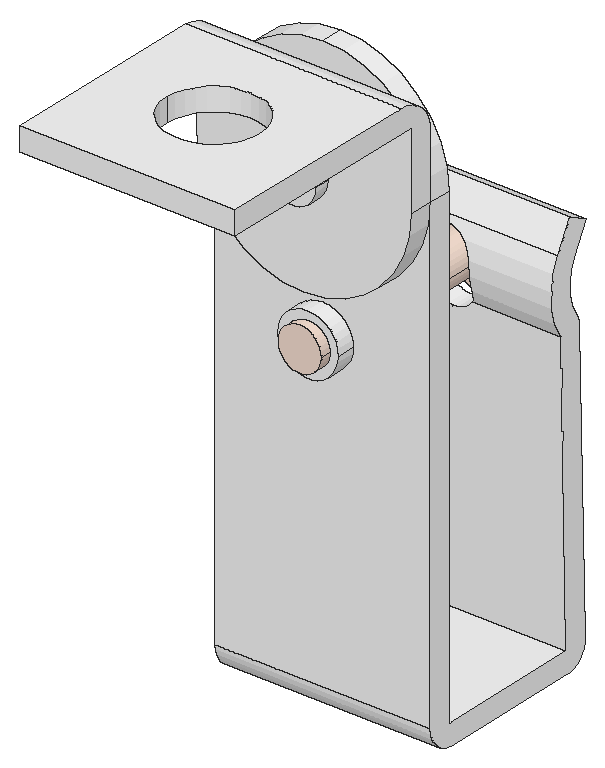
Revit family "rpfreehanger4_c40x20", category 機械設備, Revit 2022
Family settings
  丸型コネクタ寸法 = 直径を使用
  種別 = なし
  パーツ タイプ = 標準
  作業面ベース = いいえ
  常に垂直 = はい
  ロード時にボイドで切り取り = いいえ
  注釈の向きを維持 = いいえ
  共有 = いいえ
  部屋計算ポイント = いいえ
Parameters
  製造元 = "株式会社桐井製作所"
  既定の高さ = 0 mm
  URL = "https://www.kirii.co.jp/"
  K_角度 [instance] = 90.00°
  K_材質 = "SGHC　一般用"
  K_外形寸法(mm) = "H84"
  K_品名 = "RPフリーハンガー4分用(C-40×20)"
  K_名称 = "耐震ハンガー"
  K_入数 = "100"
  K_バージョン情報 = "20211012"
  K_めっき付着量 = "Z12"
  K_JIS規格 = "JIS G 3302"
Reference planes
  plane 1 "中心(正面/背面)": y = 0
  plane 2: z = 0
  plane 3 "中心(左/右)": x = 0
Forms (mm)
  Extrusion 1, void
    sketch origin (0, -2.263, 0) x (1, 0, 0) y (0, 1, 0)
      loop
        circle (0, -16.737) r 6.5
    from 10.8 to 14
  Extrusion 2, solid
    sketch origin (0, -3.2, 0) x (0, 1, 0) y (0, 0, 1)
      loop
        line (-1.8, 14) -> (-30.79, 14) -> (-30.79, 10.8) -> (0, 10.8) -> (0, -15) -> (3.2, -15) -> (3.2, 9)
        arc (3.2, 9) -> (1.736, 12.536) -> (-1.8, 14) r 5
    from -15 to 15
  Extrusion 3, solid
    sketch origin (0, 0, 0) x (1, 0, 0) y (0, 0, 1)
      loop
        circle (0, 0) r 3.25
    from 3.2 to 5.2
  Extrusion 4, void
    sketch origin (0, 0, 0) x (1, 0, 0) y (0, 0, 1)
      loop
        line (-15, 0) -> (-15, -15) -> (0, -15)
        arc (0, -15) -> (-10.607, -10.607) -> (-15, 0) r 15
    from 0 to 5.2
  Extrusion 5, void
    sketch origin (0, 0, 0) x (-1, 0, 0) y (0, 0, -1)
      loop
        arc (-15, 0) -> (-10.607, 10.607) -> (0, 15) r 15
        line (0, 15) -> (-15, 15) -> (-15, 0)
    from 0 to 3.2
Cuts and joins
  Extrusion 1, Extrusion 4, Extrusion 5 cuts Extrusion 2
  Extrusion 4, Extrusion 5 cuts Extrusion 3
  joined: Extrusion 2, Extrusion 3
Dimensions and locks
  "K_角度": angle nested 1 to plane 2
  aligned and locked: level to plane 2
Automatic sketch dimensions
  Extrusion 1 sketch curve to plane 3 "中心(左/右)" = 0 mm
  plane 1 "中心(正面/背面)" to Extrusion 1 sketch curve = 19 mm
  Extrusion 2 sketch curve to plane 1 "中心(正面/背面)" = 0 mm
  plane 1 "中心(正面/背面)" to Extrusion 2 sketch curve = 3.2 mm
  Extrusion 2 sketch curve to Extrusion 2 sketch curve = 1.8 mm  (x2)
  level to Extrusion 2 sketch curve = 10.8 mm
  Extrusion 2 sketch curve to Extrusion 2 sketch curve = 28.99 mm
  Extrusion 2 sketch curve to level = 15 mm
  Extrusion 3 sketch curve to level = 0 mm
  Extrusion 3 sketch curve to plane 3 "中心(左/右)" = 0 mm
  Extrusion 4 sketch curve to level = 0 mm  (x2)
  Extrusion 4 sketch curve to plane 3 "中心(左/右)" = 0 mm
  Extrusion 4 sketch curve to level = 15 mm
  Extrusion 5 sketch curve to level = 0 mm  (x2)
  Extrusion 5 sketch curve to plane 3 "中心(左/右)" = 0 mm
  level to Extrusion 5 sketch curve = 15 mm
  radius of Extrusion 1 sketch curve = 6.5 mm
  radius of Extrusion 3 sketch curve = 3.25 mm
Nested families
  nested 1: "RPフリーハンガー(C40用)下部金具" at (0, 0, 0), type "RPフリーハンガー(C40用)下部金具"
Definition of nested family "RPフリーハンガー(C40用)下部金具"
  Parameters (values of type "RPフリーハンガー(C40用)下部金具")
    Manufacturer = "株式会社桐井製作所"
    Default Elevation = 0 mm
    URL = "https://www.kirii.co.jp/"
    K_名称 = "RPフリーハンガー(C38用)下部金具"
    K_バージョン情報 = "20211012"
  Reference planes
    plane 1 "中心(正面/背面)": y = 0
    plane 2: z = 0
    plane 3 "中心(左/右)": x = 0
  Forms (mm)
    Extrusion 1, solid
      sketch origin (0, 2, -91) x (0, 1, 0) y (0, 0, 1)
        loop
          line (1.2, 106) -> (-2, 106) -> (-2, 25.3)
          arc (-2, 25.3) -> (-0.916, 22.684) -> (1.7, 21.6) r 3.7
          line (1.7, 21.6) -> (21.713, 21.6)
          arc (21.713, 21.6) -> (24.005, 22.567) -> (24.912, 24.883) r 3.2
          line (24.912, 24.883) -> (23.881, 64.432)
          arc (23.881, 64.432) -> (23.749, 65.263) -> (23.405, 66.03) r 3.2
          arc (23.405, 66.03) -> (22.309, 69.56) -> (23.056, 73.18) r 7.4
          line (23.056, 73.18) -> (25.1, 77.121) -> (22.26, 78.594) -> (20.201, 74.624)
          arc (20.201, 74.624) -> (19.112, 69.424) -> (20.683, 64.348) r 10.6
          line (20.683, 64.348) -> (21.719, 24.6) -> (1.2, 24.6) -> (1.2, 106)
      from -15 to 15
    Extrusion 2, void
      sketch origin (0, 0, 0) x (1, 0, 0) y (0, 0, 1)
        loop
          arc (3.5, -20.734) -> (0, -17.234) -> (-3.5, -20.734) r 3.5
          line (-3.5, -20.734) -> (-3.5, -24.536)
          arc (-3.5, -24.536) -> (0, -28.036) -> (3.5, -24.536) r 3.5
          line (3.5, -24.536) -> (3.5, -20.734)
      from -26.14 to -20.821
    Extrusion 3, solid
      sketch origin (0, 0, 0) x (1, 0, 0) y (0, 0, 1)
        loop
          circle (0, 0) r 5
      from -5 to -3.2
    Extrusion 4, void
      sketch origin (0, 0, 0) x (1, 0, 0) y (0, 0, 1)
        loop
          line (0, 15) -> (-15, 15) -> (-15, 0)
          arc (-15, 0) -> (-10.607, 10.607) -> (0, 15) r 15
      from -3.2 to 0
    Extrusion 5, void
      sketch origin (0, 0, 0) x (-1, 0, 0) y (0, 0, -1)
        loop
          arc (0, -15) -> (-10.607, -10.607) -> (-15, 0) r 15
          line (-15, 0) -> (-15, -15) -> (0, -15)
      from -3.2 to 0
    Extrusion 6, solid
      sketch origin (0, 0, 0.031) x (1, 0, 0) y (0, 0, 1)
        loop
          circle (0, -21.873) r 4.25
      from 0 to 2.5
    Extrusion 7, void
      sketch origin (0, 0, 0.01) x (1, 0, 0) y (0, 0, 1)
        loop
          circle (0, -21.81) r 3
      from -3.2 to 2.5
    Extrusion 8, void
      sketch origin (0.022, 0, 0.046) x (1, 0, 0) y (0, 0, 1)
        loop
          circle (8.646, -2.5) r 2.5
        loop
          circle (-8.646, -2.5) r 2.5
      from -3.2 to 0
  Cuts and joins
    Extrusion 2, Extrusion 4, Extrusion 5, Extrusion 7, Extrusion 8 cuts Extrusion 1
    Extrusion 4, Extrusion 5, Extrusion 7 cuts Extrusion 3
    Extrusion 7 cuts Extrusion 6
    joined: Extrusion 1, Extrusion 3, Extrusion 6
  Dimensions and locks
    aligned and locked: level to plane 2
  Nested families
    nested 1: "M6×30ボルト" at (-0.011, 26.049, -21.6) x (-1, 0, 0) z (0, 0, 1), type "M6×30ボルト"
  Definition of nested family "M6×30ボルト"
    Parameters (values of type "M6×30ボルト")
      Manufacturer = "株式会社桐井製作所"
      Default Elevation = 0 mm
      URL = "https://www.kirii.co.jp/"
      K_名称 = "M6×30ボルト"
    Reference planes
      plane 1 "中心(正面/背面)": y = 0
      plane 2: z = 0
      plane 3 "中心(左/右)": x = 0
      plane 4 "正面": y = -4
    Forms (mm)
      Extrusion 1, solid
        sketch origin (0, 0, 0) x (1, 0, 0) y (0, 0, 1)
          loop
            line (-4.763, -2.946) -> (0, -5.696) -> (4.763, -2.946) -> (4.763, 2.554) -> (0, 5.304) -> (-4.763, 2.554) -> (-4.763, -2.946)
        from 0 to 4
      Extrusion 2, void
        sketch origin (0, -4, 0) x (-1, 0, 0) y (0, 0, 1)
          loop
            circle (0, -0.156) r 4.396
        from 0 to 1
      Extrusion 3, void
        sketch origin (0, -4, 0) x (-1, 0, 0) y (0, 0, 1)
          loop
            arc (-0.6, 1.814) -> (-1.069, 0.856) -> (-2.036, 0.404) r 1.605
            line (-2.036, 0.404) -> (-2.939, 0.404)
            arc (-2.939, 0.404) -> (-3, -0.195) -> (-2.94, -0.795) r 3
            line (-2.94, -0.795) -> (-2.049, -0.795)
            arc (-2.049, -0.795) -> (-1.074, -1.243) -> (-0.6, -2.206) r 1.605
            line (-0.6, -2.206) -> (-0.6, -3.135)
            arc (-0.6, -3.135) -> (0, -3.196) -> (0.6, -3.135) r 3
            line (0.6, -3.135) -> (0.6, -2.206)
            arc (0.6, -2.206) -> (1.074, -1.243) -> (2.049, -0.795) r 1.605
            line (2.049, -0.795) -> (2.94, -0.795)
            arc (2.94, -0.795) -> (3, -0.198) -> (2.941, 0.398) r 3
            line (2.941, 0.398) -> (2.117, 0.398)
            arc (2.117, 0.398) -> (1.098, 0.828) -> (0.6, 1.814) r 1.605
            line (0.6, 1.814) -> (0.6, 2.743)
            arc (0.6, 2.743) -> (0, 2.804) -> (-0.6, 2.743) r 3
            line (-0.6, 2.743) -> (-0.6, 1.814)
        from 0 to 2
      Extrusion 4, solid
        sketch origin (0, 0, 0) x (1, 0, 0) y (0, 0, 1)
          loop
            circle (-0.011, -0.2) r 3
        from 0 to -30
    Cuts and joins
      Extrusion 2, Extrusion 3 cuts Extrusion 1
      joined: Extrusion 1, Extrusion 4
    Dimensions and locks
      aligned and locked: level to plane 2
